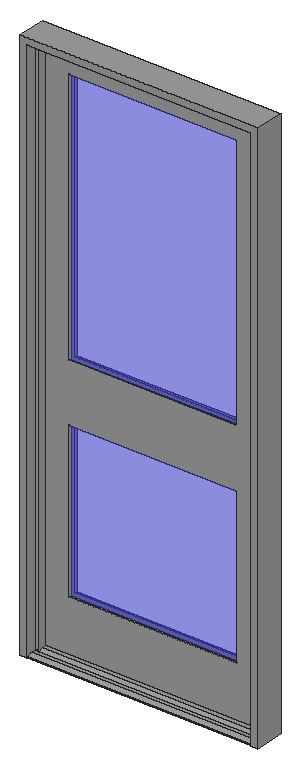
Revit family "MSD-375 DOOR-1-CW_v04", category Curtain Panels, Revit 2015
Parameters
  Width [instance] = 3' - 2"
  URL = "obe.com"
  Rough Width [instance] = 3' - 5"
  Panel Width [instance] = [Min-Max Panel Width]  # 3' - 2 3/4"
  Panel Offset [instance] = 0' - 0"
  Offset [instance] = 0' - 1"
  Model = "MSD-375 DOOR"
  Min-Max Rough Width [instance] = if(and((Rough Width > 3' 2 1/4"), (Rough Width < 3' 8 1/256")), Rough Width, 3' 2 1/4")  # 3' - 5"
  Min-Max Panel Width [instance] = if(and((Rough Width > 3' 2 1/4"), (Rough Width < 3' 8 1/256")), Rough Width - 0' 2 1/4", 3' 0")  # 3' - 2 3/4"
  Manufacturer = "Oldcastle BuildingEnvelope®"
  Keynote = "08 11 00"
  Hinge [instance] = yes
  Height [instance] = 8' - 0"
  Pushbar Height [instance] = 3' - 5 1/4"  # constant formula
  Glass Material = Glass
  Frame Material = Aluminum
  Door Panel Height [instance] = Height - 0' 0 29/32"  # 7' - 11 3/32"
  Description = "MSD-375 - 1\" Door Infill"
  Assembly Code = "B2030"
  Analytic Construction = "<None>"
  8 Muntin [instance] = not([6.5 Muntin])  # yes
  6.5 Muntin [instance] = no
Reference planes (in)
  plane 1 "Front": y = 0
  plane 2: z = 0
  plane 3 "Center (Left/Right)": x = 0
  plane 4 "Left": x = -19
  plane 5 "Right": x = 19
  plane 6 "Top": z = 96
  plane 7 "Offset": y = -1
  plane 8: y = -1.86965
  plane 9: y = -1.86965
  plane 10: x = 20.5
  plane 11: x = -20.5
Forms (in)
  Sweep 1, solid, material "Aluminum" <- "Frame Material"
    path origin (0, -1, 0) x (-1, 0, 0) y (0, 0, 1)
      loop
        line (20.5, 0) -> (20.5, 96)
    profile origin (-20.5, -1, 48) x (1, 0, 0) y (0, 1, 0)
      loop
        line (1.125, -1.8814) -> (1.125, 0) -> (0, 0) -> (0, -5) -> (1.125, -5) -> (1.125, -3.2564) -> (1.875, -3.2564) -> (1.875, -1.8814) -> (1.125, -1.8814)
  Sweep 2, solid, material "Aluminum" <- "Frame Material"
    path origin (0, -1, 0) x (-1, 0, 0) y (0, 0, 1)
      loop
        line (-20.5, 0) -> (-20.5, 96)
    profile origin (20.5, -1, 48) x (1, 0, 0) y (0, 1, 0)
      loop
        line (-1.125, -1.8814) -> (-1.875, -1.8814) -> (-1.875, -3.2564) -> (-1.125, -3.2564) -> (-1.125, -5) -> (0, -5) -> (0, 0) -> (-1.125, 0) -> (-1.125, -1.8814)
  Sweep 3, solid, material "Aluminum" <- "Frame Material"
    path origin (0, -1, 0) x (-1, 0, 0) y (0, 0, 1)
      loop
        line (-20.5, 96) -> (20.5, 96)
    profile origin (0, -1, 96) x (0, 0, 1) y (0, 1, 0)
      loop
        line (-1.125, 0) -> (-1.125, -1.875) -> (-1.625, -1.875) -> (-1.625, -3.24) -> (-1.125, -3.24) -> (-1.125, -5) -> (0, -5) -> (0, 0) -> (-1.125, 0)
Cuts and joins
  joined: Sweep 1, Sweep 2, Sweep 3
Text (in)
  text "Exterior" at (-54.29358, 31.38743, 0), in view "Ref. Level"
  text "Exterior" at (480, 41.53993, 89.60405), in view "Right"
  text "Exterior" at (-240, 57.82419, 105.78864), in view "Left"
Dimensions and locks (in)
  equal spacing: plane 4 "Left", plane 3 "Center (Left/Right)", plane 5 "Right"
  "Width": plane 4 "Left" to plane 5 "Right"
  "Height": plane 6 "Top" to plane 2
  "Offset": plane 1 "Front" to plane 7 "Offset"
  locked: plane 7 "Offset" to plane 8 at 0.86965
  locked: plane 7 "Offset" to plane 9 at 0.86965
  equal spacing: plane 11, plane 3 "Center (Left/Right)", plane 10
  "Min-Max Rough Width": plane 11 to plane 10
  aligned and locked: level to plane 2
  aligned and locked: plane 6 "Top" to Sweep 1 sketch curve
  aligned and locked: level to Sweep 1 sketch curve
  aligned and locked: plane 6 "Top" to Sweep 2 sketch curve
  aligned and locked: level to Sweep 2 sketch curve
  aligned and locked: plane 3 "Center (Left/Right)" to nested 1
  aligned and locked: plane 6 "Top" to Sweep 3 sketch curve
  aligned and locked: nested 1 to plane 7 "Offset"
  aligned and locked: plane 11 to Sweep 1 sketch curve
  aligned and locked: plane 10 to Sweep 2 sketch curve
  aligned and locked: plane 11 to Sweep 3 sketch curve
  aligned and locked: plane 10 to Sweep 3 sketch curve
Automatic sketch dimensions
  Sweep 1 sketch curve to profile plane = 0' - 0"
  Sweep 1 sketch curve to plane 7 "Offset" = 0' - 0"
  Sweep 1 sketch curve to profile plane = 0' - 1 1/8"  (x2)
  Sweep 1 sketch curve to Sweep 1 sketch curve = 0' - 0 3/4"
  Sweep 1 sketch curve to plane 7 "Offset" = 0' - 1.8814"
  Sweep 1 sketch curve to Sweep 1 sketch curve = 0' - 1 3/8"
  Sweep 1 sketch curve to Sweep 1 sketch curve = 0' - 1.7436"
  Sweep 2 sketch curve to plane 7 "Offset" = 0' - 0"
  Sweep 2 sketch curve to profile plane = 0' - 0"
  profile plane to Sweep 2 sketch curve = 0' - 1 1/8"
  Sweep 2 sketch curve to Sweep 2 sketch curve = 0' - 1 1/8"
  Sweep 2 sketch curve to Sweep 2 sketch curve = 0' - 0 3/4"
  Sweep 2 sketch curve to plane 7 "Offset" = 0' - 1.8814"
  Sweep 2 sketch curve to Sweep 2 sketch curve = 0' - 1 3/8"
  Sweep 2 sketch curve to Sweep 2 sketch curve = 0' - 1.7436"
  Sweep 3 sketch curve to plane 7 "Offset" = 0' - 0"
  profile plane to Sweep 3 sketch curve = 0' - 0"
  profile plane to Sweep 3 sketch curve = 0' - 1 1/8"
  Sweep 3 sketch curve to plane 7 "Offset" = 0' - 1 7/8"
  Sweep 3 sketch curve to Sweep 3 sketch curve = 0' - 0 1/2"  (x2)
  Sweep 3 sketch curve to Sweep 3 sketch curve = 0' - 1.365"
  Sweep 3 sketch curve to Sweep 3 sketch curve = 0' - 1.76"
Nested families (in)
  nested 1: "MSD-375 DOOR-1-Panel_v03" at (0, -32, 0), Frame Material <- "Frame Material", Glass Material <- "Glass Material", 6.5 Muntin <- "6.5 Muntin", 8 Muntin <- "8 Muntin", Hinge <- "Hinge", Height <- "Door Panel Height", Width <- "Panel Width", Offset <- "Panel Offset", type "MSD-375 DOOR-1-Panel_v03"
    with built-in parameter 1001301 3' - 2 3/4", Pushbar Height 3' - 5 1/4", Offset 0' - 0", Hinge yes, built-in parameter 1001300 7' - 11 3/32", Glass at Muntin 0' - 8 7/16", Glass Material Glass, Frame Material Aluminum, 8 Muntin yes, 6.5 Muntin no
Definition of nested family "MSD-375 DOOR-1-Panel_v03"
  Parameters (values of type "MSD-375 DOOR-1-Panel_v03")
    Width [instance] = 3' - 0"
    Pushbar Height [instance] = 3' - 5 1/4"  # constant formula
    Offset [instance] = 0' - 2"
    Hinge [instance] = yes
    Height [instance] = 7' - 0"
    Glass at Muntin [instance] = if([6.5 Muntin], 0' 6 15/16", 0' 8 7/16")  # 0' - 6 15/16"
    Glass Material [instance] = none
    Frame Material [instance] = none
    Analytic Construction = "<None>"
    8 Muntin [instance] = not([6.5 Muntin])  # no
    6.5 Muntin [instance] = yes
  Reference planes (in)
    plane 1 "00": y = 28.04297
    plane 2: z = 0
    plane 3 "Center (Left/Right)": x = 0
    plane 4: z = 84
    plane 5: x = -18
    plane 6: x = 18
    plane 7 "Center (Front/Back)": y = 31
    plane 8 "Exterior": y = 28.32422
    plane 9: z = 42
    plane 10: z = 80.96875
    plane 11: z = 80.281
    plane 12: z = 8.90625
    plane 13: z = 37.78125
    plane 14: z = 44.71875
    plane 15: x = -14.031
    plane 16: x = 13.77845
    plane 17 "Offset": y = 29
    plane 18: z = 41.25
  Forms (in)
    Sweep 1, solid, material <- "Frame Material"
      path origin (0, 28.04297, 0) x (1, 0, 0) y (0, 0, 1)
        loop
          line (-17.891, 84) -> (17.63845, 84)
      profile origin (-0.12627, 28.04297, 84) x (0, 0, 1) y (0, -1, 0)
        loop
          line (-4.50328, -0.957) -> (-0.50328, -0.957) -> (-0.50328, 0.793) -> (-4.50328, 0.793) -> (-4.50328, 0.5) -> (-3.719, 0.5) -> (-3.719, -0.5) -> (-4.50328, -0.5) -> (-4.50328, -0.957)
    Sweep 2, solid, material <- "Frame Material"
      path origin (0, 28.04297, 0) x (1, 0, 0) y (0, 0, 1)
        loop
          line (17.63845, 0) -> (-17.891, 0)
      profile origin (-0.12627, 28.04297, 0) x (0, 0, -1) y (0, -1, 0)
        loop
          line (-9.6875, -0.957) -> (-0.6875, -0.957) -> (-0.6875, 0.793) -> (-9.6875, 0.793) -> (-9.6875, 0.5) -> (-8.9065, 0.5) -> (-8.9065, -0.5) -> (-9.6875, -0.5) -> (-9.6875, -0.957)
        loop
          line (-0.125, -1.707) -> (0, -1.707) -> (0, 3.918) -> (-0.125, 3.918) -> (-0.5, 3.168) -> (-0.5, 2.3005) -> (-0.562, 2.3005) -> (-0.844, 1.8115) -> (-0.844, 0.8165) -> (-0.5, 0.8165) -> (-0.5, -0.957) -> (-0.125, -1.707)
    Sweep 3, solid, material <- "Frame Material"
      path origin (0, 28.04297, 0) x (1, 0, 0) y (0, 0, 1)
        loop
          line (18, 83.49672) -> (18, 0.6875)
      profile origin (18, 28.04297, 42.09211) x (0, -1, 0) y (1, 0, 0)
        loop
          line (-0.957, -5.00255) -> (-0.5, -5.00255) -> (-0.5, -4.22155) -> (0.5, -4.22155) -> (0.5, -5.00255) -> (0.793, -5.00255) -> (0.793, -0.36155) -> (-0.957, -0.25255) -> (-0.957, -5.00255)
    Sweep 4, solid, material <- "Frame Material"
      path origin (0, 28.04297, 0) x (1, 0, 0) y (0, 0, 1)
        loop
          line (-18, 83.49672) -> (-18, 0.6875)
      profile origin (-18, 28.04297, 42.09211) x (0, -1, 0) y (1, 0, 0)
        loop
          line (-0.957, 0) -> (0.793, 0.109) -> (0.793, 4.75) -> (0.5, 4.75) -> (0.5, 3.969) -> (-0.5, 3.969) -> (-0.5, 4.75) -> (-0.957, 4.75) -> (-0.957, 0)
    Sweep 5, solid, material <- "Frame Material"
      path origin (0, 28.04297, 0) x (1, 0, 0) y (0, 0, 1)
        loop
          line (17.63845, 42) -> (-17.891, 42)
      profile origin (-0.12627, 28.04297, 42) x (0, 0, -1) y (0, -1, 0)
        loop
          line (5.00025, -0.957) -> (5.00025, -0.5) -> (4.21875, -0.5) -> (4.21875, 0.5) -> (5.00025, 0.5) -> (5.00025, 0.793) -> (-3.49975, 0.793) -> (-3.49975, 0.5) -> (-2.71875, 0.5) -> (-2.71875, -0.50555) -> (-3.49975, -0.50555) -> (-3.49975, -0.957) -> (5.00025, -0.957)
    Extrusion 6, solid, material <- "Glass Material", detail levels coarse
      sketch origin (0, 0, 0) x (1, 0, 0) y (0, 1, 0)
        loop
          line (-14.031, 28.54297) -> (-14.031, 27.54297) -> (13.77845, 27.54297) -> (13.77845, 28.54297) -> (-14.031, 28.54297)
      from 44.71875 to 80.281
    Extrusion 7, solid, material <- "Glass Material", detail levels medium+fine
      sketch origin (0, 0, 0) x (1, 0, 0) y (0, 1, 0)
        loop
          line (13.77845, 28.54297) -> (-14.031, 28.54297) -> (-14.031, 28.34297) -> (13.77845, 28.34297) -> (13.77845, 28.54297)
        loop
          line (-14.031, 27.97297) -> (-14.031, 27.77297) -> (13.77845, 27.77297) -> (13.77845, 27.97297) -> (-14.031, 27.97297)
        loop
          line (13.77845, 27.74297) -> (-14.031, 27.74297) -> (-14.031, 27.54297) -> (13.77845, 27.54297) -> (13.77845, 27.74297)
      from 44.71875 to 80.281
    Extrusion 8, solid, material <- "Glass Material", detail levels coarse
      sketch origin (0, 0, 0) x (1, 0, 0) y (0, 1, 0)
        loop
          line (-14.031, 28.54297) -> (-14.031, 27.54297) -> (13.77845, 27.54297) -> (13.77845, 28.54297) -> (-14.031, 28.54297)
      from 8.90625 to 37.78125
    Extrusion 9, solid, material <- "Glass Material", detail levels medium+fine
      sketch origin (0, 0, 0) x (1, 0, 0) y (0, 1, 0)
        loop
          line (13.77845, 28.54297) -> (-14.031, 28.54297) -> (-14.031, 28.34297) -> (13.77845, 28.34297) -> (13.77845, 28.54297)
        loop
          line (-14.031, 27.97297) -> (-14.031, 27.77297) -> (13.77845, 27.77297) -> (13.77845, 27.97297) -> (-14.031, 27.97297)
        loop
          line (13.77845, 27.74297) -> (-14.031, 27.74297) -> (-14.031, 27.54297) -> (13.77845, 27.54297) -> (13.77845, 27.74297)
      from 8.90625 to 37.78125
  Cuts and joins
    joined: Sweep 1, Sweep 2, Sweep 3, Sweep 4, Sweep 5
  Lines and regions (in)
    model lines
      curve 1: line (13.36845, 28.32422, 79.871) -> (-13.621, 28.32422, 42)
      curve 2: line (-13.621, 28.32422, 42) -> (13.36845, 28.32422, 9.4375)
  Dimensions and locks (in)
    equal spacing: level, plane 9, plane 4
    locked: Sweep 3 sketch curve to plane 4 at 0.50328
    locked: Sweep 4 sketch curve to plane 4 at 0.50328
    locked: plane 4 to plane 10 at 3.03125
    Extrusion 6 sketch curve to plane 1 "00" to Extrusion 6 sketch curve = 0' - 0 1/2" locked, 0' - 0 1/2" locked
    "Glass at Muntin": plane 13 to plane 14
    locked: plane 11 to plane 4 at 3.719
    plane 12 to plane 2 = 0' - 8 29/32"
    "Height": plane 4 to plane 2
    locked: plane 5 to plane 15 at 3.969
    locked: plane 16 to plane 6 at 4.22155
    locked: plane 6 to Sweep 2 sketch curve at 0.36155
    equal spacing: plane 5, plane 3 "Center (Left/Right)", plane 6
    "Width": plane 5 to plane 6
    locked: plane 6 to Sweep 5 sketch curve at 0.36155
    locked: plane 6 to Sweep 1 sketch curve at 0.36155
    locked: plane 14 to Sweep 5 sketch curve at 0.781  (x2)
    locked: Sweep 5 sketch curve to plane 13 at 0.7815
    locked: plane 13 to Sweep 5 sketch curve at 0.7815
    plane 1 "00" to plane 8 "Exterior" to plane 17 "Offset" = 0' - 0 9/32" locked, 0' - 0 173/256" locked
    "Offset": plane 17 "Offset" to plane 7 "Center (Front/Back)"
    locked: Sweep 2 sketch curve to plane 5 at 0.109
    locked: Sweep 5 sketch curve to plane 5 at 0.109
    locked: Sweep 1 sketch curve to plane 5 at 0.109
    equal spacing: plane 13, plane 18, plane 14
    "Pushbar Height": plane 2 to plane 18
    Extrusion 8 sketch curve to Extrusion 8 sketch curve to plane 17 "Offset" = 0' - 1" locked, 0' - 0 117/256" locked
    Extrusion 7 sketch curve to Extrusion 7 sketch curve to Extrusion 7 sketch curve to Extrusion 7 sketch curve to Extrusion 7 sketch curve to Extrusion 7 sketch curve to plane 17 "Offset" = 0' - 0.2" locked, 0' - 0.03" locked, 0' - 0.2" locked, 0' - 0.37" locked, 0' - 0.2" locked, 0' - 0 117/256" locked
    Extrusion 9 sketch curve to Extrusion 9 sketch curve to Extrusion 9 sketch curve to Extrusion 9 sketch curve to Extrusion 9 sketch curve to Extrusion 9 sketch curve to plane 17 "Offset" = 0' - 0.2" locked, 0' - 0.03" locked, 0' - 0.2" locked, 0' - 0.37" locked, 0' - 0.2" locked, 0' - 0 117/256" locked
    locked: plane 2 to Sweep 3 sketch curve at 0.6875
    locked: plane 2 to Sweep 4 sketch curve at 0.6875
    aligned and locked: plane 2 to level
    aligned and locked: Sweep 1 sketch curve to plane 4
    aligned and locked: Sweep 2 sketch curve to level
    aligned and locked: Sweep 5 sketch curve to plane 9
    aligned and locked: plane 11 to Extrusion 7
    aligned and locked: plane 11 to Extrusion 6
    aligned and locked: plane 14 to Extrusion 7
    aligned and locked: plane 14 to Extrusion 6
    aligned and locked: Extrusion 8 to plane 13
    aligned and locked: Extrusion 9 to plane 13
    aligned and locked: plane 12 to Extrusion 9
    aligned and locked: plane 12 to Extrusion 8
    aligned and locked: Sweep 3 sketch curve to plane 6
    aligned and locked: Sweep 4 sketch curve to plane 5
    aligned and locked: plane 16 to Extrusion 6 sketch curve
    aligned and locked: Extrusion 6 sketch curve to plane 15
    aligned and locked: Extrusion 8 sketch curve to plane 15
    aligned and locked: plane 16 to Extrusion 8 sketch curve
    aligned and locked: plane 16 to Extrusion 9  (x3)
    aligned and locked: Extrusion 9 to plane 15  (x2)
  Automatic sketch dimensions
    curve 2 to plane 9 = 0' - 0"
    curve 2 to plane 16 = 0' - 0.41"
    curve 1 to plane 16 = 0' - 0.41"
    curve 2 to plane 12 = 0' - 0 17/32"
    plane 11 to curve 1 = 0' - 0.41"
    plane 15 to curve 2 = 0' - 0.41"
    profile plane to Sweep 3 sketch curve = 0' - 0.25255"
    Sweep 3 sketch curve to plane 1 "00" = 0' - 0.957"
    Sweep 3 sketch curve to Sweep 3 sketch curve = 0' - 0.457"
    plane 1 "00" to Sweep 3 sketch curve = 0' - 0 1/2"
    Sweep 3 sketch curve to Sweep 3 sketch curve = 0' - 0.293"
    profile plane to Sweep 3 sketch curve = 0' - 0.36155"
    Sweep 3 sketch curve to Sweep 3 sketch curve = 0' - 3.86"
    Sweep 3 sketch curve to Sweep 3 sketch curve = 0' - 0.781"  (x2)
    Sweep 4 sketch curve to profile plane = 0' - 0"
    Sweep 4 sketch curve to plane 1 "00" = 0' - 0.957"
    Sweep 4 sketch curve to Sweep 4 sketch curve = 0' - 0.457"
    plane 1 "00" to Sweep 4 sketch curve = 0' - 0 1/2"
    Sweep 4 sketch curve to Sweep 4 sketch curve = 0' - 0.293"
    Sweep 4 sketch curve to profile plane = 0' - 0.109"
    Sweep 4 sketch curve to Sweep 4 sketch curve = 0' - 3.86"
    Sweep 4 sketch curve to Sweep 4 sketch curve = 0' - 0.781"  (x2)
    Sweep 1 sketch curve to plane 1 "00" = 0' - 0.957"
    profile plane to Sweep 1 sketch curve = 0' - 4.50328"
    Sweep 1 sketch curve to Sweep 1 sketch curve = 0' - 0"
    Sweep 1 sketch curve to Sweep 1 sketch curve = 0' - 0.78428"
    profile plane to Sweep 1 sketch curve = 0' - 0.50328"
    Sweep 1 sketch curve to Sweep 1 sketch curve = 0' - 0.457"
    plane 1 "00" to Sweep 1 sketch curve = 0' - 0 1/2"
    Sweep 1 sketch curve to Sweep 1 sketch curve = 0' - 0.293"
    Sweep 5 sketch curve to Sweep 5 sketch curve = 0' - 0.781"
    Sweep 5 sketch curve to Sweep 5 sketch curve = 0' - 0.7815"
    Sweep 5 sketch curve to plane 1 "00" = 0' - 0.957"
    Sweep 5 sketch curve to plane 1 "00" = 0' - 0.50555"
    Sweep 5 sketch curve to plane 1 "00" = 0' - 0 1/2"
    plane 1 "00" to Sweep 5 sketch curve = 0' - 0 1/2"  (x2)
    Sweep 5 sketch curve to Sweep 5 sketch curve = 0' - 0.293"
    Sweep 2 sketch curve to profile plane = 0' - 0"
    Sweep 2 sketch curve to Sweep 2 sketch curve = 0' - 0.282"
    plane 1 "00" to Sweep 2 sketch curve = 0' - 0 1/2"
    Sweep 2 sketch curve to Sweep 2 sketch curve = 0' - 8.8435"
    Sweep 2 sketch curve to Sweep 2 sketch curve = 0' - 0"  (x2)
    Sweep 2 sketch curve to Sweep 2 sketch curve = 0' - 1.0185"
    Sweep 2 sketch curve to Sweep 2 sketch curve = 0' - 0.489"
    profile plane to Sweep 2 sketch curve = 0' - 0 1/8"  (x2)
    profile plane to Sweep 2 sketch curve = 0' - 0 1/2"
    Sweep 2 sketch curve to Sweep 2 sketch curve = 0' - 0.062"
    Sweep 2 sketch curve to Sweep 2 sketch curve = 0' - 0.781"
    Sweep 2 sketch curve to plane 1 "00" = 0' - 0 1/2"
    Sweep 2 sketch curve to Sweep 2 sketch curve = 0' - 0 3/4"  (x2)
    Sweep 2 sketch curve to Sweep 2 sketch curve = 0' - 0.457"
    Sweep 2 sketch curve to Sweep 2 sketch curve = 0' - 0.8675"
    Sweep 2 sketch curve to Sweep 2 sketch curve = 0' - 0.293"
    plane 15 to Extrusion 7 sketch curve = 0' - 0"  (x2)
    Extrusion 7 sketch curve to Extrusion 7 sketch curve = 0' - 0"
    Extrusion 7 sketch curve to plane 16 = 0' - 0"  (x3)
    Extrusion 9 sketch curve to plane 15 = 0' - 0"  (x3)
    Extrusion 9 sketch curve to plane 16 = 0' - 0"  (x3)
    Sweep 2 sketch curve to Sweep 2 sketch curve = 0' - 0.1565"
    Sweep 2 sketch curve to Sweep 2 sketch curve = 0' - 0 3/16"
    Sweep 2 sketch curve to Sweep 2 sketch curve = 0' - 0.0235"
